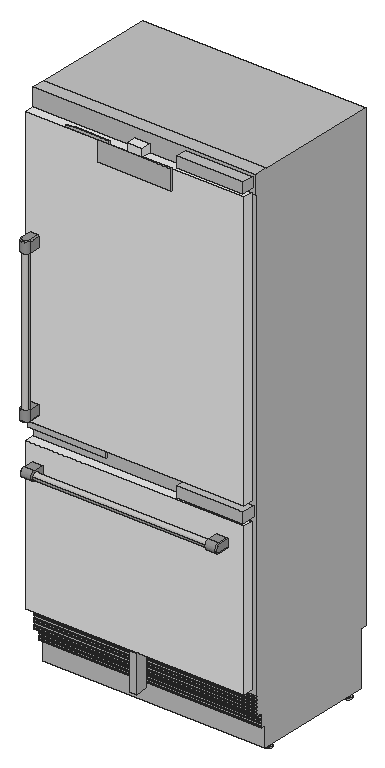
Revit family "FP-3D-Revit20-en-RS9121WRUVE1-IntegratedRefrigerator-0-90003564A", category Specialty Equipment, Revit 2020 (continued)
Definition of nested family "Handle Contemporary Round - Vertical"
  Forms (mm)
    Sweep 4, void
      profile origin (8.7, -16.15, -363.5) x (-1, 0, 0) y (0, 0, -1)
        loop
          line (0, 0) -> (0, -1) -> (1, 0) -> (0, 0)
    Sweep 5, void
      path in 3D
        loop
          line (-8.7, 0, 363.5) -> (-8.7, -32.3, 363.5)
          arc (-8.7, -32.3, 363.5) -> (0, -41, 363.5) -> (8.7, -32.3, 363.5) r 8.7
          line (8.7, -32.3, 363.5) -> (8.7, 0, 363.5)
      profile origin (8.7, -16.15, 363.5) x (-1, 0, 0) y (0, 0, 1)
        loop
          line (0, 0) -> (0, -1) -> (1, 0) -> (0, 0)
    Extrusion 6, solid, material <- "Material - Handle", detail levels coarse+medium
      sketch origin (0, 0, 0) x (1, 0, 0) y (0, 1, 0)
        loop
          line (-8.7, 0) -> (-8.7, -32.3)
          arc (-8.7, -32.3) -> (0, -41) -> (8.7, -32.3) r 8.7
          line (8.7, -32.3) -> (8.7, 0) -> (-8.7, 0)
      from 243.5 to 363.5
    Extrusion 7, solid, material <- "Material - Handle", detail levels coarse+medium
      sketch origin (0, 0, 0) x (1, 0, 0) y (0, 1, 0)
        loop
          line (-8.7, 0) -> (-8.7, -32.3)
          arc (-8.7, -32.3) -> (0, -41) -> (8.7, -32.3) r 8.7
          line (8.7, -32.3) -> (8.7, 0) -> (-8.7, 0)
      from -363.5 to -243.5
  Cuts and joins
    Sweep 4 cuts Extrusion 3
    Sweep 5 cuts Extrusion 2
  Lines and regions (mm)
    sketch lines
      curve 1: line (8.7, 0, -363.5) -> (8.7, -32.3, -363.5)
      curve 2: arc (-8.7, -32.3, -363.5) -> (0, -41, -363.5) -> (8.7, -32.3, -363.5) r 8.7
      curve 3: line (-8.7, -32.3, -363.5) -> (-8.7, 0, -363.5)
      curve 4: line (8.7, -32.3, 363.5) -> (8.7, 0, 363.5)
      curve 5: arc (8.7, -32.3, 363.5) -> (0, -41, 363.5) -> (-8.7, -32.3, 363.5) r 8.7
      curve 6: line (-8.7, 0, 363.5) -> (-8.7, -32.3, 363.5)
  Dimensions and locks
    equal spacing: plane 4 "Top", level, plane 5 "Bottom"
    "Handle - Length": plane 4 "Top" to plane 5 "Bottom"
    locked: plane 4 "Top" to plane 6 "Top Standoff" at 120
    locked: plane 7 "Bottom Standoff" to plane 5 "Bottom" at 120
    Extrusion 2 sketch curve to Extrusion 2 sketch curve = 17.4 mm
    Extrusion 3 sketch curve to Extrusion 3 sketch curve = 17.4 mm
    Extrusion 6 sketch curve to Extrusion 6 sketch curve = 17.4 mm
    Extrusion 7 sketch curve to Extrusion 7 sketch curve = 17.4 mm
    aligned and locked: level to plane 2
    aligned and locked: plane 4 "Top" to Extrusion 2
    aligned and locked: Extrusion 3 to plane 5 "Bottom"
    aligned and locked: plane 7 "Bottom Standoff" to Extrusion 3
    aligned and locked: Extrusion 1 to plane 7 "Bottom Standoff"
    aligned and locked: plane 6 "Top Standoff" to Extrusion 1
    aligned and locked: Extrusion 2 to Extrusion 1
    aligned and locked: Extrusion 6 to Extrusion 1
    aligned and locked: plane 4 "Top" to Extrusion 6
    aligned and locked: Extrusion 7 to Extrusion 1
    aligned and locked: Extrusion 7 to plane 5 "Bottom"
  Automatic sketch dimensions
    Extrusion 1 sketch curve to plane 3 "Center (Left/Right)" = 0 mm
    plane 1 "Center (Front/Back)" to Extrusion 1 sketch curve = 32.3 mm
    plane 1 "Center (Front/Back)" to Extrusion 2 sketch curve = 0 mm
    Extrusion 2 sketch curve to plane 3 "Center (Left/Right)" = 0 mm
    Extrusion 2 sketch curve to plane 3 "Center (Left/Right)" = 8.7 mm
    plane 1 "Center (Front/Back)" to Extrusion 2 sketch curve = 32.3 mm
    plane 1 "Center (Front/Back)" to Extrusion 3 sketch curve = 0 mm
    Extrusion 3 sketch curve to plane 3 "Center (Left/Right)" = 0 mm
    Extrusion 3 sketch curve to plane 3 "Center (Left/Right)" = 8.7 mm
    plane 1 "Center (Front/Back)" to Extrusion 3 sketch curve = 32.3 mm
    Sweep 4 sketch curve to profile plane = 0 mm  (x2)
    Sweep 4 sketch curve to profile plane = 1 mm  (x2)
    Sweep 5 sketch curve to profile plane = 0 mm  (x2)
    Sweep 5 sketch curve to profile plane = 1 mm  (x2)
    Extrusion 6 sketch curve to plane 3 "Center (Left/Right)" = 0 mm
    Extrusion 6 sketch curve to plane 3 "Center (Left/Right)" = 8.7 mm
    plane 1 "Center (Front/Back)" to Extrusion 6 sketch curve = 32.3 mm
    Extrusion 6 sketch curve to Extrusion 6 sketch curve = 32.3 mm
    Extrusion 7 sketch curve to plane 3 "Center (Left/Right)" = 0 mm
    Extrusion 7 sketch curve to plane 3 "Center (Left/Right)" = 8.7 mm
    plane 1 "Center (Front/Back)" to Extrusion 7 sketch curve = 32.3 mm
    Extrusion 7 sketch curve to Extrusion 7 sketch curve = 32.3 mm
    radius of Extrusion 1 sketch curve = 8.7 mm
Definition of nested family "Handle Professional Round - Horizontal"
  Parameters (values of type "AHP3RD9121W - Professional round handle (2 of 2) (Horizontal) 798mm")
    URL = "www.fisherpaykel.com"
    Material - Standoff = none
    Material - Handle = none
    Manufacturer = "Fisher & Paykel Appliances"
    Handle - Length = 798 mm
    Default Elevation = 0 mm
  Types (4, lengths in mm): name | Handle - Length
    AHCRD3084W - Professional round handle (2 of 2) (Horizontal) 580mm | 646
    AHP3RD9121W - Professional round handle (2 of 2) (Horizontal) 798mm | 798
    AHP3RD3684WBA - Professional round handle Brass (2 of 2) (Horizontal) 798mm | 798
    AHP3RD3684WDC - Professional round handle Dark Copper (2 of 2) (Horizontal) 798mm | 798
  Reference planes
    plane 1 "Center (Front/Back)": y = 0
    plane 2: z = 0
    plane 3 "Center (Left/Right)": x = 0
    plane 4 "Product LHS": x = -399
    plane 5 "Product RHS": x = 399
    plane 6 "LHS Standoff": x = -355
    plane 7 "RHS Standoff": x = 355
  Forms (mm)
    Extrusion 1, solid, material <- "Material - Standoff", detail levels fine
      sketch origin (0, 0, 0) x (0, 1, 0) y (0, 0, 1)
        loop
          line (0, 18.5) -> (-41.7, 18.5)
          arc (-41.7, 18.5) -> (-60.2, 0) -> (-41.7, -18.5) r 18.5
          line (-41.7, -18.5) -> (0, -18.5) -> (0, 18.5)
      from 355 to 399
    Extrusion 2, solid, material <- "Material - Standoff", detail levels fine
      sketch origin (0, 0, 0) x (0, 1, 0) y (0, 0, 1)
        loop
          line (0, 18.5) -> (-41.7, 18.5)
          arc (-41.7, 18.5) -> (-60.2, 0) -> (-41.7, -18.5) r 18.5
          line (-41.7, -18.5) -> (0, -18.5) -> (0, 18.5)
      from -399 to -355
    Sweep 3, void
      path in 3D
        loop
          line (399, 0, 18.5) -> (399, -41.7, 18.5)
          arc (399, -41.7, 18.5) -> (399, -60.2, 0) -> (399, -41.7, -18.5) r 18.5
          line (399, -41.7, -18.5) -> (399, 0, -18.5)
      profile origin (399, -20.85, 18.5) x (1, 0, 0) y (0, 0, 1)
        loop
          line (0, 0) -> (-3, 0) -> (0, -3) -> (0, 0)
    Sweep 4, void
      path in 3D
        loop
          line (-399, 0, -18.5) -> (-399, -41.7, -18.5)
          arc (-399, -41.7, -18.5) -> (-399, -60.2, 0) -> (-399, -41.7, 18.5) r 18.5
          line (-399, -41.7, 18.5) -> (-399, 0, 18.5)
      profile origin (-399, -20.85, 18.5) x (-1, 0, 0) y (0, 0, 1)
        loop
          line (0, 0) -> (-3, 0) -> (0, -3) -> (0, 0)
    Extrusion 5, solid, material <- "Material - Handle"
      sketch origin (0, -2.3, 0) x (0, 1, 0) y (0, 0, 1)
        loop
          circle (-39.4, 0) r 12.7
      from -355 to 355
    Extrusion 6, solid, material <- "Material - Standoff", detail levels coarse+medium
      sketch origin (0, 0, 0) x (0, 1, 0) y (0, 0, 1)
        loop
          line (0, 18.5) -> (-41.7, 18.5)
          arc (-41.7, 18.5) -> (-60.2, 0) -> (-41.7, -18.5) r 18.5
          line (-41.7, -18.5) -> (0, -18.5) -> (0, 18.5)
      from 399 to 355
    Extrusion 7, solid, material <- "Material - Standoff", detail levels coarse+medium
      sketch origin (0, 0, 0) x (0, 1, 0) y (0, 0, 1)
        loop
          line (0, 18.5) -> (-41.7, 18.5)
          arc (-41.7, 18.5) -> (-60.2, 0) -> (-41.7, -18.5) r 18.5
          line (-41.7, -18.5) -> (0, -18.5) -> (0, 18.5)
      from -355 to -399
  Cuts and joins
    Sweep 3 cuts Extrusion 1
    Sweep 4 cuts Extrusion 2
  Lines and regions (mm)
    sketch lines
      curve 1: line (399, 0, 18.5) -> (399, -41.7, 18.5)
      curve 2: arc (399, -41.7, -18.5) -> (399, -60.2, 0) -> (399, -41.7, 18.5) r 18.5
      curve 3: line (399, -41.7, -18.5) -> (399, 0, -18.5)
      curve 4: line (-399, -41.7, 18.5) -> (-399, 0, 18.5)
      curve 5: arc (-399, -41.7, 18.5) -> (-399, -60.2, 0) -> (-399, -41.7, -18.5) r 18.5
      curve 6: line (-399, 0, -18.5) -> (-399, -41.7, -18.5)
  Dimensions and locks
    equal spacing: plane 4 "Product LHS", plane 3 "Center (Left/Right)", plane 5 "Product RHS"
    "Handle - Length": plane 4 "Product LHS" to plane 5 "Product RHS"
    plane 4 "Product LHS" to plane 6 "LHS Standoff" = 44 mm
    plane 7 "RHS Standoff" to plane 5 "Product RHS" = 44 mm
    aligned and locked: level to plane 2
    aligned and locked: Extrusion 1 to plane 7 "RHS Standoff"
    aligned and locked: Extrusion 1 to plane 5 "Product RHS"
    aligned and locked: plane 4 "Product LHS" to Extrusion 2
    aligned and locked: plane 6 "LHS Standoff" to Extrusion 2
    aligned and locked: Extrusion 5 to plane 6 "LHS Standoff"
    aligned and locked: plane 7 "RHS Standoff" to Extrusion 5
    aligned and locked: plane 5 "Product RHS" to Extrusion 6
    aligned and locked: plane 7 "RHS Standoff" to Extrusion 6
    aligned and locked: Extrusion 7 to plane 4 "Product LHS"
    aligned and locked: Extrusion 7 to plane 6 "LHS Standoff"
  Automatic sketch dimensions
    Extrusion 1 sketch curve to level = 0 mm
    Extrusion 1 sketch curve to plane 1 "Center (Front/Back)" = 0 mm
    Extrusion 1 sketch curve to level = 18.5 mm
    plane 1 "Center (Front/Back)" to Extrusion 1 sketch curve = 41.7 mm
    Extrusion 2 sketch curve to level = 0 mm
    Extrusion 2 sketch curve to plane 1 "Center (Front/Back)" = 0 mm
    Extrusion 2 sketch curve to level = 18.5 mm
    plane 1 "Center (Front/Back)" to Extrusion 2 sketch curve = 41.7 mm
    Sweep 3 sketch curve to profile plane = 0 mm
    profile plane to Sweep 3 sketch curve = 0 mm
    profile plane to Sweep 3 sketch curve = 3 mm
    Sweep 3 sketch curve to profile plane = 3 mm
    Sweep 4 sketch curve to profile plane = 0 mm  (x2)
    profile plane to Sweep 4 sketch curve = 3 mm
    Sweep 4 sketch curve to profile plane = 3 mm
    Extrusion 5 sketch curve to level = 0 mm
    plane 1 "Center (Front/Back)" to Extrusion 5 sketch curve = 41.7 mm
    Extrusion 6 sketch curve to level = 0 mm
    level to Extrusion 6 sketch curve = 18.5 mm
    plane 1 "Center (Front/Back)" to Extrusion 6 sketch curve = 41.7 mm
    Extrusion 6 sketch curve to Extrusion 6 sketch curve = 41.7 mm
    Extrusion 7 sketch curve to level = 0 mm
    level to Extrusion 7 sketch curve = 18.5 mm
    plane 1 "Center (Front/Back)" to Extrusion 7 sketch curve = 41.7 mm
    Extrusion 7 sketch curve to Extrusion 7 sketch curve = 41.7 mm
    radius of Extrusion 5 sketch curve = 12.7 mm
Definition of nested family "Handle Professional Round - Vertical"
  Parameters (values of type "AHP3RD9121W - Professional round handle (1 of 2) (Vertical) 661mm")
    URL = "www.fisherpaykel.com"
    Material - Standoff = none
    Material - Handle = none
    Manufacturer = "Fisher & Paykel Appliances"
    Handle - Length = 661 mm
    Default Elevation = 0 mm
  Types (4): name
    AHCRD3084W - Professional round handle (1 of 2) (Vertical) 661mm
    AHP3RD9121W - Professional round handle (1 of 2) (Vertical) 661mm
    AHCRD3684WBA - Professional round handle Brass (1 of 2) (Vertical) 661mm
    AHCRD3684WDC - Professional round handle Dark Copper (1 of 2) (Vertical) 661mm
  Reference planes
    plane 1 "Center (Front/Back)": y = 0
    plane 2: z = 0
    plane 3 "Center (Left/Right)": x = 0
    plane 4 "Top": z = 330.5
    plane 5 "Bottom": z = -330.5
    plane 6 "Top Standoff": z = 286.5
    plane 7 "Bottom Standoff": z = -286.5
  Forms (mm)
    Extrusion 1, solid, material <- "Material - Standoff", detail levels fine
      sketch origin (0, 0, 0) x (1, 0, 0) y (0, 1, 0)
        loop
          line (-18.5, 0) -> (-18.5, -41.7)
          arc (-18.5, -41.7) -> (0, -60.2) -> (18.5, -41.7) r 18.5
          line (18.5, -41.7) -> (18.5, 0) -> (-18.5, 0)
      from 286.5 to 330.5
    Extrusion 2, solid, material <- "Material - Standoff", detail levels fine
      sketch origin (0, 0, 0) x (1, 0, 0) y (0, 1, 0)
        loop
          line (-18.5, 0) -> (-18.5, -41.7)
          arc (-18.5, -41.7) -> (0, -60.2) -> (18.5, -41.7) r 18.5
          line (18.5, -41.7) -> (18.5, 0) -> (-18.5, 0)
      from -330.5 to -286.5
    Extrusion 3, solid, material <- "Material - Handle"
      sketch origin (0, 0, 0) x (1, 0, 0) y (0, 1, 0)
        loop
          circle (0, -41.7) r 12.7
      from -286.5 to 286.5
    Sweep 4, void
      path in 3D
        loop
          line (-18.5, 0, 330.5) -> (-18.5, -41.7, 330.5)
          arc (-18.5, -41.7, 330.5) -> (0, -60.2, 330.5) -> (18.5, -41.7, 330.5) r 18.5
          line (18.5, -41.7, 330.5) -> (18.5, 0, 330.5)
      profile origin (18.5, -20.85, 330.5) x (-1, 0, 0) y (0, 0, 1)
        loop
          line (0, 0) -> (0, -3) -> (3, 0) -> (0, 0)
    Sweep 5, void
      path in 3D
        loop
          line (18.5, 0, -330.5) -> (18.5, -41.7, -330.5)
          arc (18.5, -41.7, -330.5) -> (0, -60.2, -330.5) -> (-18.5, -41.7, -330.5) r 18.5
          line (-18.5, -41.7, -330.5) -> (-18.5, 0, -330.5)
      profile origin (18.5, -20.85, -330.5) x (-1, 0, 0) y (0, 0, -1)
        loop
          line (0, 0) -> (0, -3) -> (3, 0) -> (0, 0)
    Extrusion 6, solid, material <- "Material - Standoff", detail levels coarse+medium
      sketch origin (0, 0, 0) x (1, 0, 0) y (0, 1, 0)
        loop
          line (-18.5, 0) -> (-18.5, -41.7)
          arc (-18.5, -41.7) -> (0, -60.2) -> (18.5, -41.7) r 18.5
          line (18.5, -41.7) -> (18.5, 0) -> (-18.5, 0)
      from 286.5 to 330.5
    Extrusion 7, solid, material <- "Material - Standoff", detail levels coarse+medium
      sketch origin (0, 0, 0) x (1, 0, 0) y (0, 1, 0)
        loop
          line (-18.5, 0) -> (-18.5, -41.7)
          arc (-18.5, -41.7) -> (0, -60.2) -> (18.5, -41.7) r 18.5
          line (18.5, -41.7) -> (18.5, 0) -> (-18.5, 0)
      from -330.5 to -286.5
  Cuts and joins
    Sweep 4 cuts Extrusion 1
    Sweep 5 cuts Extrusion 2
  Lines and regions (mm)
    sketch lines
      curve 1: line (18.5, -41.7, 330.5) -> (18.5, 0, 330.5)
      curve 2: arc (18.5, -41.7, 330.5) -> (0, -60.2, 330.5) -> (-18.5, -41.7, 330.5) r 18.5
      curve 3: line (-18.5, 0, 330.5) -> (-18.5, -41.7, 330.5)
      curve 4: line (18.5, 0, -330.5) -> (18.5, -41.7, -330.5)
      curve 5: arc (-18.5, -41.7, -330.5) -> (0, -60.2, -330.5) -> (18.5, -41.7, -330.5) r 18.5
      curve 6: line (-18.5, -41.7, -330.5) -> (-18.5, 0, -330.5)
  Dimensions and locks
    equal spacing: plane 4 "Top", level, plane 5 "Bottom"
    "Handle - Length": plane 4 "Top" to plane 5 "Bottom"
    plane 4 "Top" to plane 6 "Top Standoff" = 44 mm
    plane 7 "Bottom Standoff" to plane 5 "Bottom" = 44 mm
    aligned and locked: level to plane 2
    aligned and locked: plane 4 "Top" to Extrusion 1
    aligned and locked: Extrusion 1 to plane 6 "Top Standoff"
    aligned and locked: Extrusion 2 to plane 5 "Bottom"
    aligned and locked: plane 7 "Bottom Standoff" to Extrusion 2
    aligned and locked: plane 6 "Top Standoff" to Extrusion 3
    aligned and locked: Extrusion 3 to plane 7 "Bottom Standoff"
    aligned and locked: plane 4 "Top" to Extrusion 6
    aligned and locked: Extrusion 7 to plane 5 "Bottom"
    aligned and locked: plane 7 "Bottom Standoff" to Extrusion 7
    aligned and locked: Extrusion 6 to plane 6 "Top Standoff"
  Automatic sketch dimensions
    plane 1 "Center (Front/Back)" to Extrusion 1 sketch curve = 0 mm
    Extrusion 1 sketch curve to plane 3 "Center (Left/Right)" = 0 mm
    Extrusion 1 sketch curve to plane 3 "Center (Left/Right)" = 18.5 mm
    plane 1 "Center (Front/Back)" to Extrusion 1 sketch curve = 41.7 mm
    plane 1 "Center (Front/Back)" to Extrusion 2 sketch curve = 0 mm
    Extrusion 2 sketch curve to plane 3 "Center (Left/Right)" = 0 mm
    Extrusion 2 sketch curve to plane 3 "Center (Left/Right)" = 18.5 mm
    plane 1 "Center (Front/Back)" to Extrusion 2 sketch curve = 41.7 mm
    Extrusion 3 sketch curve to plane 3 "Center (Left/Right)" = 0 mm
    plane 1 "Center (Front/Back)" to Extrusion 3 sketch curve = 41.7 mm
    Sweep 4 sketch curve to profile plane = 0 mm  (x2)
    Sweep 4 sketch curve to profile plane = 3 mm  (x2)
    Sweep 5 sketch curve to profile plane = 0 mm  (x2)
    Sweep 5 sketch curve to profile plane = 3 mm  (x2)
    Extrusion 6 sketch curve to plane 3 "Center (Left/Right)" = 0 mm
    Extrusion 6 sketch curve to plane 3 "Center (Left/Right)" = 18.5 mm
    plane 1 "Center (Front/Back)" to Extrusion 6 sketch curve = 41.7 mm
    Extrusion 6 sketch curve to Extrusion 6 sketch curve = 41.7 mm
    Extrusion 7 sketch curve to plane 3 "Center (Left/Right)" = 0 mm
    Extrusion 7 sketch curve to plane 3 "Center (Left/Right)" = 18.5 mm
    plane 1 "Center (Front/Back)" to Extrusion 7 sketch curve = 41.7 mm
    Extrusion 7 sketch curve to Extrusion 7 sketch curve = 41.7 mm
    radius of Extrusion 3 sketch curve = 12.7 mm
Definition of nested family "Visibility Control Note 18"
  Types (3): name
    New
    Resolved
    Active
  Reference planes
    plane 1: y = 0
    plane 2: x = 0
  Text (mm)
    text "Edit Type: \nTo control handle kit \nand door panel visibility\n options\n\nDelete unwanted kits \nto reduce file size" at (-0.165, 35.556, 0)
